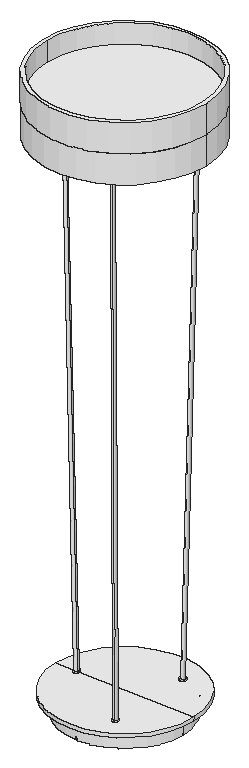
Revit family "DEEP FOCUS ROUND LIGHT", category Lighting Fixtures, host Face, Revit 2020 (continued)
Types (13): name | Wattage Comments | Wattage | Surface Mount | Photometric Web File | Order number | built-in parameter 1150142 | Model | built-in parameter 1150105 | Lumens | built-in parameter 1150106 | Fixture Diameter | Finish/Color | D2 | D1 | Apparent Load | Aircraft Cable Pendant Mount
  DFRID19-50-40901-ACPMK | "50 W" | 28.6114 W | no | "DFRID19_50_XX901.IES" | "16825" | "IESNA:LM-63-2002\r\n[TEST] \r\n[DATE] 2022-08-10\r\n[MANUFAC] Aboveall lighting\r\n[LUMCAT] \r\n[LUMINAIRE] DFRID19-50-30901\r\n[LAMPCAT] \r\n[LAMP] SAMSUNG 2835 3000K\r\nTILT=NONE\r\n1 4420.9 0.9 181 9 1 2 0.48 0.48 0.10 \r\n1 1 50.9\r\n0. 1. 2. 3. 4. 5. 6. 7. 8. 9. 10. 11. 12. 13. 14. 15. 16. 17. 18. 19. 20. 21. 22. 23. 24. 25. 26. 27. 28. 29. 30. 31. 32. 33. 34. 35. 36. 37. 38. 39. 40. 41. 42. 43. 44. 45. 46. 47. 48. 49. 50. 51. 52. 53. 54. 55. 56. 57. 58. 59. 60. 61. 62. 63. 64. 65. 66. 67. 68. 69. 70. 71. 72. 73. 74. 75. 76. 77. 78. 79. 80. 81. 82. 83. 84. 85. 86. 87. 88. 89. 90. 91. 92. 93. 94. 95. 96. 97. 98. 99. 100. 101. 102. 103. 104. 105. 106. 107. 108. 109. 110. 111. 112. 113. 114. 115. 116. 117. 118. 119. 120. 121. 122. 123. 124. 125. 126. 127. 128. 129. 130. 131. 132. 133. 134. 135. 136. 137. 138. 139. 140. 141. 142. 143. 144. 145. 146. 147. 148. 149. 150. 151. 152. 153. 154. 155. 156. 157. 158. 159. 160. 161. 162. 163. 164. 165. 166. 167. 168. 169. 170. 171. 172. 173. 174. 175. 176. 177. 178. 179. 180. \r\n0. 45. 90. 135. 180. 225. 270. 315. 360. \r\n1205.18 1206.517 1204.393 1202.977 1199.791 1197.312 1193.064 1186.692 1183.859 1176.779 1168.99 1164.742 1155.184 1144.209 1138.544 1125.445 1111.992 1104.912 1090.397 1082.962 1067.385 1050.746 1042.604 1023.486 1014.636 897.807 897.807 897.807 897.807 897.807 897.807 897.807 887.541 865.945 854.97 832.667 820.984 798.68 776.377 753.011 740.974 717.255 704.156 680.082 656.008 643.971 618.836 593.7 581.309 556.527 531.037 518.293 493.157 480.412 454.922 429.432 403.942 390.844 365.0 337.952 325.172 312.816 287.645 275.254 250.65 238.507 214.433 191.138 179.809 157.435 146.602 125.148 104.862 77.354 76.222 58.768 50.661 35.084 21.312 15.435 9.948 9.311 9.098 8.674 8.709 12.78 47.9 66.982 83.833 100.295 106.668 120.687 128.122 143.663 159.382 167.064 181.898 190.359 205.653 214.539 229.975 245.091 252.809 267.572 267.076 281.131 295.257 300.319 308.604 308.214 308.32 308.108 309.666 310.834 311.825 315.153 318.162 322.269 324.11 328.995 336.395 339.545 342.271 340.961 344.927 348.077 354.379 374.204 380.577 395.092 411.377 407.483 396.508 416.333 421.998 426.954 437.929 450.674 456.338 453.152 450.674 445.717 438.991 435.805 434.743 432.619 431.202 431.91 434.389 437.575 438.283 436.867 437.929 446.78 450.674 452.09 455.984 456.338 453.86 454.568 460.232 459.878 458.462 454.568 455.276 460.587 465.897 468.729 471.915 472.623 466.251 454.922 449.258 453.506 470.145 474.393 480.058 482.89 483.952 482.182 477.934 \r\n1205.18 1201.915 1201.915 1199.791 1197.667 1196.604 1192.71 1188.108 1185.63 1179.965 1176.425 1169.344 1161.202 1156.6 1146.333 1141.022 1122.967 1122.967 1110.222 1096.061 1087.919 1073.05 1064.907 1048.976 1032.337 1023.486 899.223 899.223 899.223 899.223 899.223 899.223 899.223 899.223 877.982 856.74 846.12 823.462 801.513 775.315 766.464 754.781 731.77 708.404 698.137 673.001 660.611 636.537 612.109 599.718 574.937 562.192 537.41 512.628 499.883 462.003 462.003 435.451 409.961 397.216 372.08 358.981 334.129 309.028 296.673 260.279 248.278 236.489 213.194 190.43 179.172 157.293 136.052 125.714 105.039 77.531 74.097 56.219 47.687 32.039 25.348 13.949 10.869 10.55 10.019 9.806 9.452 15.896 46.696 59.264 83.267 106.774 114.067 130.281 147.699 164.126 172.375 189.262 197.794 214.752 231.355 239.604 255.818 271.254 266.581 241.197 221.974 210.574 203.175 201.653 202.538 204.272 205.653 208.06 211.07 235.745 271.643 294.089 328.854 343.121 362.876 370.31 383.763 395.8 401.464 412.439 417.395 427.662 437.929 442.885 453.152 463.773 468.375 478.288 487.138 491.741 500.591 507.672 511.566 519.001 525.373 528.913 536.348 539.534 545.552 545.552 549.447 556.173 559.005 561.13 562.546 572.104 577.769 579.539 582.371 582.371 583.433 586.619 590.16 590.514 590.16 589.098 589.098 588.744 588.035 588.744 589.452 590.514 591.222 590.16 585.911 578.123 573.52 589.098 645.742 685.392 689.287 679.02 672.293 662.381 664.151 \r\n1205.18 1203.331 1203.331 1202.977 1200.853 1199.791 1197.312 1196.25 1192.356 1188.108 1185.63 1179.257 1176.425 1168.99 1164.742 1155.538 1145.625 1139.606 1127.924 1121.905 1108.098 1094.291 1086.857 1071.634 1063.845 1048.268 1030.921 1022.07 1004.015 1004.015 1004.015 1004.015 1004.015 1004.015 1004.015 886.479 876.212 854.262 843.287 820.63 798.68 787.352 775.669 752.303 728.937 705.572 693.181 681.144 657.07 632.289 607.153 594.762 569.98 557.589 531.037 519.001 493.865 468.021 466.605 431.556 406.421 393.676 368.186 343.333 330.695 305.984 281.414 269.342 257.376 222.08 210.574 188.129 175.88 154.284 132.866 122.67 102.561 102.561 74.097 56.078 47.723 46.625 25.384 14.515 12.568 11.789 11.116 10.833 10.479 10.939 29.172 56.361 56.361 76.151 105.145 115.625 134.388 151.31 159.453 174.782 190.465 198.219 213.619 229.373 229.373 253.057 260.916 276.033 290.69 296.461 307.577 311.861 316.392 316.534 317.914 320.605 322.092 325.668 327.792 332.146 337.138 340.147 346.166 349.033 354.379 359.689 362.522 367.832 374.204 377.391 387.657 404.651 410.315 424.122 431.91 446.78 460.941 482.182 494.927 517.585 525.019 527.851 528.205 526.081 523.957 522.541 521.479 521.125 522.895 528.913 531.746 536.702 537.056 538.472 542.012 548.739 550.155 551.217 549.447 546.615 548.031 549.801 549.801 547.677 543.782 541.658 539.888 538.118 542.012 544.136 546.969 548.385 549.447 540.596 534.578 519.001 509.442 495.989 483.598 480.412 476.872 \r\n1205.18 1205.809 1205.101 1204.039 1201.915 1200.499 1196.958 1193.064 1190.586 1184.922 1178.549 1175.363 1167.574 1158.724 1154.122 1143.147 1131.464 1125.091 1111.638 1104.558 1090.397 1075.528 1058.181 1050.392 1042.249 1024.548 1015.698 997.288 889.311 889.311 889.311 889.311 889.311 889.311 889.311 867.715 857.448 835.145 813.195 801.513 775.315 755.135 743.452 720.441 696.721 685.038 660.611 636.183 624.146 599.364 574.583 561.838 536.702 523.957 498.821 486.076 460.587 435.451 422.706 395.446 382.701 356.857 331.544 318.835 293.805 281.45 256.987 233.055 221.372 198.254 186.89 164.622 143.38 132.476 111.553 76.788 76.788 62.202 46.306 37.562 23.826 13.736 12.674 11.895 11.506 11.01 10.479 12.462 47.935 51.404 100.189 106.526 115.306 131.874 139.592 163.453 171.029 179.526 197.829 215.353 223.921 232.276 260.492 260.492 266.758 253.234 234.931 227.673 213.123 209.937 210.432 212.026 214.539 216.345 220.027 228.346 235.108 253.199 265.059 283.857 295.363 300.036 308.427 312.285 319.472 327.119 330.801 337.634 341.032 348.077 351.795 358.981 365.708 368.54 374.204 377.391 383.055 387.657 392.968 398.278 401.11 404.297 410.315 415.625 418.103 423.06 420.936 418.103 414.563 415.625 417.041 418.812 417.749 418.812 421.644 426.246 426.6 426.246 421.998 419.52 418.812 418.458 418.103 416.333 414.917 412.439 409.253 407.483 402.526 398.986 390.844 380.223 373.142 360.397 406.775 427.662 442.885 447.488 444.655 439.699 436.159 \r\n1205.18 1208.287 1208.287 1208.287 1207.579 1205.809 1205.809 1202.269 1200.499 1196.25 1191.294 1188.462 1185.63 1179.257 1171.469 1166.512 1156.954 1146.687 1141.022 1128.986 1115.887 1115.887 1094.645 1080.13 1072.342 1056.411 1039.063 1030.567 1013.22 1004.015 1004.015 1004.015 1004.015 1004.015 1004.015 905.95 885.416 874.442 852.492 830.897 818.86 796.556 785.227 762.216 749.825 726.459 702.74 690.349 666.275 653.884 629.102 603.967 590.868 564.316 539.534 526.789 501.299 488.554 465.897 438.637 412.793 399.694 373.496 348.077 335.085 309.701 296.815 271.573 259.075 234.294 209.866 196.59 173.862 162.356 140.017 118.492 108.048 88.258 78.841 60.397 51.829 46.66 22.127 16.25 11.081 10.196 9.771 8.957 8.284 11.081 30.8 60.22 73.602 76.611 104.473 110.208 124.015 131.804 145.433 161.329 168.622 179.384 187.846 206.892 215.566 219.708 228.275 233.161 242.826 247.145 255.571 263.642 267.36 273.307 275.573 278.157 280.99 282.193 285.273 288.92 290.973 294.867 298.903 300.78 303.612 305.205 307.117 311.082 315.472 317.773 322.057 323.791 325.809 332.252 343.9 354.379 359.335 368.186 370.31 374.204 380.931 383.763 390.136 396.154 393.322 391.906 391.198 385.179 381.639 375.621 369.956 367.832 367.832 371.018 371.372 371.372 371.726 377.745 383.763 389.427 392.614 392.26 393.676 393.322 390.136 390.136 388.719 388.011 390.136 391.906 392.614 392.968 392.968 389.427 378.099 372.08 369.248 428.724 447.488 464.127 474.747 \r\n1205.18 1202.623 1202.269 1200.499 1200.145 1197.312 1194.126 1189.524 1187.4 1184.213 1184.213 1171.823 1163.68 1159.078 1149.873 1144.209 1132.88 1126.861 1113.409 1099.602 1092.875 1078.006 1070.218 1054.286 1037.647 1029.505 1011.803 1002.953 1002.953 1002.953 1002.953 1002.953 1002.953 1002.953 885.416 863.113 853.554 830.189 807.885 796.556 773.899 750.533 739.204 727.167 703.802 679.728 667.337 643.263 630.518 606.091 580.601 568.21 543.074 518.293 503.778 478.288 466.959 441.823 428.37 402.88 376.683 363.584 338.165 312.816 300.072 275.254 250.508 238.471 214.468 202.502 179.207 156.798 135.061 124.404 101.959 101.959 72.292 53.847 47.298 29.49 22.622 16.533 9.984 9.346 8.815 8.709 8.355 9.028 20.604 41.067 57.21 68.433 70.663 77.496 87.515 87.515 100.862 106.809 109.04 114.138 119.448 122.316 126.139 124.511 117.784 116.757 116.687 115.094 109.925 108.261 108.225 109.783 109.783 111.695 111.695 113.854 114.739 123.272 136.724 146.956 158.603 186.359 212.911 234.4 243.463 257.801 265.979 280.069 290.265 295.752 305.311 314.445 318.799 326.942 333.916 337.704 343.546 350.556 354.025 355.441 354.379 356.503 365.0 365.0 381.639 386.241 395.8 398.278 399.694 408.899 413.855 419.874 439.345 447.134 464.127 472.623 492.803 511.212 523.957 539.888 548.739 561.13 565.378 567.502 571.042 571.75 571.75 571.042 568.918 567.502 562.546 557.943 555.111 543.782 543.782 554.049 663.797 685.392 678.312 667.337 666.275 \r\n1205.18 1201.561 1199.437 1197.667 1194.48 1190.586 1188.108 1182.443 1179.257 1172.885 1165.096 1160.494 1151.289 1145.979 1134.65 1122.613 1115.887 1102.788 1095.353 1081.192 1073.404 1057.119 1040.479 1031.629 1014.636 1005.431 899.931 899.931 899.931 899.931 899.931 899.931 889.311 879.044 857.448 835.499 824.524 801.867 775.669 768.234 743.806 719.733 708.05 683.976 659.903 647.866 623.438 610.693 585.911 573.52 548.385 523.249 510.504 472.269 472.269 434.743 422.352 409.607 383.409 368.894 343.44 318.268 305.382 280.494 255.854 243.675 219.531 207.813 173.083 161.754 150.425 128.546 107.27 76.788 76.788 58.343 48.608 33.951 26.941 15.294 12.178 11.789 11.293 11.116 13.63 16.144 47.192 51.369 71.053 104.19 104.19 109.819 121.643 130.317 145.717 160.834 169.755 187.81 196.236 213.088 229.16 237.303 251.358 256.916 260.421 264.882 268.776 273.449 281.485 290.442 295.115 304.001 307.046 312.215 317.914 320.109 324.783 327.154 332.394 337.35 340.006 345.281 348.219 354.379 357.919 363.938 368.894 370.664 375.266 378.453 385.533 397.924 405.713 419.874 434.743 442.885 459.17 474.039 483.598 493.511 476.518 457.754 424.476 405.359 398.278 386.595 380.931 371.018 367.832 367.124 367.478 367.124 366.416 368.894 381.285 388.719 391.552 391.906 389.427 389.073 391.198 390.844 385.179 382.347 380.223 379.515 377.745 372.788 368.894 362.168 354.733 343.723 339.262 329.031 403.234 417.749 434.743 445.009 453.86 464.127 471.915 \r\n1205.18 1205.455 1204.747 1201.915 1201.207 1198.374 1196.958 1192.71 1190.232 1184.922 1177.841 1175.009 1165.804 1162.264 1152.351 1141.022 1135.358 1122.967 1116.595 1102.434 1088.273 1080.484 1065.261 1048.976 1040.479 1023.486 1005.431 1005.431 1005.431 1005.431 1005.431 1005.431 1005.431 897.807 875.858 875.858 843.287 831.959 809.655 786.998 775.669 753.011 740.974 717.963 693.889 682.206 658.132 645.742 620.96 608.569 584.141 559.005 545.906 519.709 494.219 481.828 467.313 467.313 418.812 393.322 367.124 354.733 329.279 304.249 291.646 267.218 255.04 242.826 207.671 196.13 173.508 162.568 139.627 118.669 108.261 87.763 78.027 59.795 51.05 46.767 21.171 15.435 10.55 10.09 9.488 10.771 12.055 15.081 42.943 56.644 77.213 117.642 121.041 135.733 151.204 159.453 173.401 181.119 195.811 211.105 221.867 241.728 260.315 268.74 276.317 277.202 256.951 246.26 226.647 215.424 213.088 214.256 214.716 216.168 217.725 221.336 224.877 227.603 237.268 258.509 272.139 289.982 302.656 308.462 321.278 332.217 337.173 345.635 351.83 355.087 361.814 367.832 370.31 375.266 377.391 381.993 384.471 390.136 392.614 398.278 403.234 405.713 410.669 412.793 415.625 414.917 415.979 412.439 410.315 407.837 407.837 408.899 411.731 411.731 410.315 411.023 414.917 414.563 413.501 408.545 406.421 405.005 405.005 405.005 400.048 399.34 397.57 396.862 395.092 384.825 382.347 373.142 368.186 359.335 344.643 374.912 438.991 453.152 445.717 437.221 436.867 \r\n1205.18 1206.517 1204.393 1202.977 1199.791 1197.312 1193.064 1186.692 1183.859 1176.779 1168.99 1164.742 1155.184 1144.209 1138.544 1125.445 1111.992 1104.912 1090.397 1082.962 1067.385 1050.746 1042.604 1023.486 1014.636 897.807 897.807 897.807 897.807 897.807 897.807 897.807 887.541 865.945 854.97 832.667 820.984 798.68 776.377 753.011 740.974 717.255 704.156 680.082 656.008 643.971 618.836 593.7 581.309 556.527 531.037 518.293 493.157 480.412 454.922 429.432 403.942 390.844 365.0 337.952 325.172 312.816 287.645 275.254 250.65 238.507 214.433 191.138 179.809 157.435 146.602 125.148 104.862 77.354 76.222 58.768 50.661 35.084 21.312 15.435 9.948 9.311 9.098 8.674 8.709 12.78 47.9 66.982 83.833 100.295 106.668 120.687 128.122 143.663 159.382 167.064 181.898 190.359 205.653 214.539 229.975 245.091 252.809 267.572 267.076 281.131 295.257 300.319 308.604 308.214 308.32 308.108 309.666 310.834 311.825 315.153 318.162 322.269 324.11 328.995 336.395 339.545 342.271 340.961 344.927 348.077 354.379 374.204 380.577 395.092 411.377 407.483 396.508 416.333 421.998 426.954 437.929 450.674 456.338 453.152 450.674 445.717 438.991 435.805 434.743 432.619 431.202 431.91 434.389 437.575 438.283 436.867 437.929 446.78 450.674 452.09 455.984 456.338 453.86 454.568 460.232 459.878 458.462 454.568 455.276 460.587 465.897 468.729 471.915 472.623 466.251 454.922 449.258 453.506 470.145 474.393 480.058 482.89 483.952 482.182 477.934 \r\n" | "DFRID19-50-40901-ACPMK" | 338.2 (stored number, unit not read) | 4250 lm | 3.382 (stored number, unit not read) | 1' - 6 115/128" | White-PMMA Aluminum | 0' - 7 243/256" | 0' - 9 115/256" | 62.5 VA | yes
